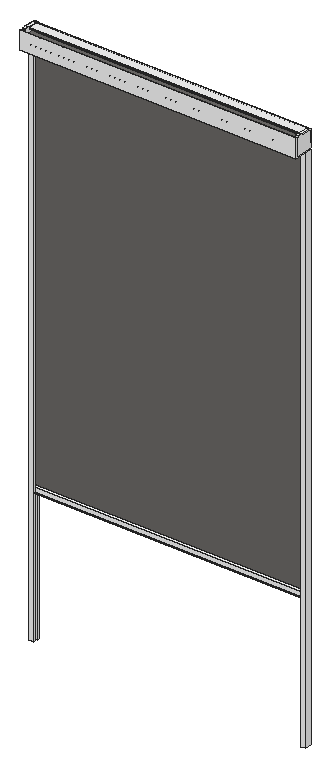
Revit family "Shades-Hunter_Douglas-RB500-Single_Standard_Duty-Auto-Bracket_Block_Out-3in", category Specialty Equipment, Revit 2023
Family settings
  Round Connector Dimension = Use Diameter
  Part Type = Normal
  OmniClass Number = 23.30.60.14
  OmniClass Title = Interior Window Treatment
  Work Plane-Based = No
  Enable Cutting in Views = No
  Always vertical = Yes
  Cut with Voids When Loaded = No
  Maintain Annotation Orientation = No
  Shared = No
  Room Calculation Point = No
Parameters (values of type "Automated")
  URL = "https://www.hunterdouglasarchitectural.com/"
  Type Comments = "Block Out Shade"  # constant formula
  Model = "Standard Duty Automated 3IN Bracket Block Out"  # constant formula
  Manufacturer = "Hunter Douglas Architectural"  # constant formula
  Description = "Standard Duty Automated Roller Shade"  # constant formula
  Default Elevation = 0' - 0"
  CD_Width [instance] = 4' - 0"
  CD_Warranty = "https://assets.hunterdouglasarchitectural.com/documents/RB500/Lifetime_Guarantee_HDA.pdf?_rand=1465740819000"
  CD_Product Page URL = "https://www.hunterdouglasarchitectural.com/windowcoverings/rollershades/RB500/index.jsp"
  CD_Product Name = "RB 500 Roller Shade System"  # constant formula
  CD_Product Documentation Link = "https://www.hunterdouglasarchitectural.com/windowcoverings/rollershades/RB500/index.jsp#cadDrawing"
  CD_Opening Percentage [instance] = 25
  CD_Microsite = "https://microsite.caddetails.com/1669"
  CD_Install Documentation = "https://www.hunterdouglasarchitectural.com/windowcoverings/rollershades/RB500/index.jsp#installationPage"
  CD_Height Opening [instance] = ((CD_Height - CD_Bracket Height - 0' 1 101/256") * CD_Opening Percentage) / 100  # 1' - 10.82324"
  CD_Height [instance] = 8' - 0"
  CD_Finish Rail = Metal-Aluminum-Hunter_Douglas-Anodized-White
  CD_Finish Frame = Metal-Aluminum-Hunter_Douglas-Anodized-White
  CD_Finish = Fabric-Shade-Hunter_Douglas-5%-E_Screen-Charcoal_Cocoa
  CD_Fabric Sizing Disclaimer = "Designer to verify maximum fabric size with Manufacturer as the maximum fabric size is dependent on finished dimensions"  # constant formula
  CD_Bracket Height = 0' - 3 5/16"  # constant formula
  CD_Bracket Depth = 0' - 3 9/64"  # constant formula
  Assembly Code = "E2010300"
Reference planes (in)
  plane 1 "Center (Front/Back)": y = -0.06427
  plane 2 "Bottom": z = 0
  plane 3 "Center (Left/Right)": x = 0
  plane 4 "Top": z = 96
  plane 5 "Left": x = -24
  plane 6 "Right": x = 24
  plane 7 "Back": y = 1.57031
  plane 8 "Front": y = -1.57031
  plane 9 "Opening": z = 22.82324
  plane 10 "Head Height": z = 92.6875
  plane 11 "Shade Left": x = -23.44922
  plane 12 "Shade Right": x = 23.44922
  plane 13 "Blind Location": y = 0.98718
  plane 14 "Center (Elevation)": z = 94.24448
Forms (in)
  Extrusion 1, solid, material "Metal-Aluminum-Hunter_Douglas-Anodized-White" <- "CD_Finish Frame", detail levels coarse
    sketch origin (0, 0, 0) x (0, 1, 0) y (0, 0, 1)
      loop
        line (1.57031, 92.6875) -> (1.57031, 96) -> (-1.57031, 96) -> (-1.57031, 92.6875) -> (1.57031, 92.6875)
    from -24 to 24
  Extrusion 2, solid, material "Metal-Aluminum-Hunter_Douglas-Anodized-White" <- "CD_Finish Rail", detail levels fine
    sketch origin (0, 0, -20.35107) x (0, 1, 0) y (0, 0, 1)
      loop
        line (1.29937, 43.48662) -> (1.29937, 44.25399)
        arc (1.29937, 44.25399) -> (1.0071, 44.56704) -> (0.67475, 44.29692) r 0.31379
        line (0.67475, 44.29692) -> (0.67475, 43.48662)
        arc (0.67475, 43.48662) -> (0.98706, 43.17431) -> (1.29937, 43.48662) r 0.31231
    from -23.44922 to 23.44922
  Extrusion 3, solid, material "Fabric-Shade-Hunter_Douglas-5%-E_Screen-Charcoal_Cocoa" <- "CD_Finish"
    sketch origin (0, 0, 0) x (0, 1, 0) y (0, 0, 1)
      loop
        line (1.00467, 22.82324) -> (1.00467, 93.46875) -> (0.96969, 93.46875) -> (0.96969, 22.82324) -> (1.00467, 22.82324)
    from -23.44922 to 23.44922
  Extrusion 4, solid, material "Metal-Aluminum-Hunter_Douglas-Anodized-White" <- "CD_Finish Rail", detail levels fine
    sketch origin (0, 0, 0) x (1, 0, 0) y (0, 1, 0)
      loop
        line (-23.17198, 1.29937) -> (-23.17198, 1.52017) -> (-24, 1.52017) -> (-24, 0.45419) -> (-23.17198, 0.45419) -> (-23.17198, 0.67475) -> (-23.44922, 0.67475) -> (-23.44922, 1.29937) -> (-23.17198, 1.29937)
      loop
        line (23.17198, 1.29937) -> (23.44922, 1.29937) -> (23.44922, 0.67475) -> (23.17198, 0.67475) -> (23.17198, 0.45419) -> (24, 0.45419) -> (24, 1.52017) -> (23.17198, 1.52017) -> (23.17198, 1.29937)
    from 0 to 92.6875
  Extrusion 5, solid, material "Metal-Aluminum-Hunter_Douglas-Anodized-White" <- "CD_Finish Rail", detail levels coarse
    sketch origin (0, 0, 0) x (1, 0, 0) y (0, 1, 0)
      loop
        line (-24, 1.52017) -> (-24, 0.45767) -> (-23.44922, 0.45767) -> (-23.44922, 1.52017) -> (-24, 1.52017)
      loop
        line (24, 1.52017) -> (23.44922, 1.52017) -> (23.44922, 0.45767) -> (24, 0.45767) -> (24, 1.52017)
    from 0 to 92.6875
  Extrusion 6, solid, material "Fabric-Shade-Hunter_Douglas-5%-E_Screen-Charcoal_Cocoa" <- "CD_Finish"
    sketch origin (0, 0, 0) x (0, 1, 0) y (0, 0, 1)
      loop
        arc (0.88708, 94.09361) -> (-1.00414, 94.45534) -> (0.86036, 93.97449) r 0.96324
        line (0.86036, 93.97449) -> (0.96969, 92.41411) -> (1.00459, 92.41655) -> (0.88708, 94.09361)
    from -23.44922 to 23.44922
  Extrusion 7, solid, material "Metal-Aluminum-Hunter_Douglas-Anodized-White" <- "CD_Finish Frame", detail levels medium+fine
    sketch origin (0, 0, 0.00115) x (0, 1, 0) y (0, 0, 1)
      loop
        arc (0.70388, 92.68635) -> (0.77067, 92.70622) -> (0.81573, 92.75937) r 0.12217
        line (0.81573, 92.75937) -> (-1.4994, 92.75937) -> (-1.4994, 95.87162) -> (-1.57031, 95.87162) -> (-1.57031, 92.68635) -> (0.70388, 92.68635)
    from -24 to 24
  Extrusion 8, solid, material "Metal-Aluminum-Hunter_Douglas-Anodized-White" <- "CD_Finish Frame", detail levels medium+fine
    sketch origin (0, 0, 0.00115) x (0, 1, 0) y (0, 0, 1)
      loop
        line (1.49031, 95.77162) -> (1.49031, 93.95162) -> (1.57031, 93.95162) -> (1.57031, 95.80162)
        arc (1.57031, 95.80162) -> (1.52638, 95.90768) -> (1.42031, 95.95162) r 0.15
        line (1.42031, 95.95162) -> (-0.42969, 95.95162) -> (-0.42969, 95.87162) -> (1.39031, 95.87162)
        arc (1.39031, 95.87162) -> (1.46102, 95.84233) -> (1.49031, 95.77162) r 0.1
    from -24 to 24
  Extrusion 9, solid, material "Metal-Aluminum-Hunter_Douglas-Anodized-White" <- "CD_Finish Frame", detail levels medium+fine
    sketch origin (0, 0, 0.00115) x (0, 1, 0) y (0, 0, 1)
      loop
        line (1.57031, 92.95162) -> (1.57031, 95.95162) -> (-0.92969, 95.95162) -> (-0.92969, 95.64988) -> (-1.42969, 95.56173) -> (-1.42969, 92.95162) -> (1.57031, 92.95162)
    from 23.44922 to 24
  Extrusion 10, solid, material "Metal-Aluminum-Hunter_Douglas-Anodized-White" <- "CD_Finish Frame", detail levels medium+fine
    sketch origin (-34.25, 0, 0.00115) x (0, 1, 0) y (0, 0, 1)
      loop
        line (1.57031, 92.95162) -> (1.57031, 95.95162) -> (-0.92969, 95.95162) -> (-0.92969, 95.64988) -> (-1.42969, 95.56173) -> (-1.42969, 92.95162) -> (1.57031, 92.95162)
    from 10.25 to 10.80078
Cuts and joins
  joined: Extrusion 3, Extrusion 6
Lines and regions (in)
  Masking region 1, detail levels fine
    outline origin (0, 0, 0) x (0, 1, 0) y (0, 0, 1)
      loop
        arc (1.29937, 23.90293) -> (1.0071, 24.21597) -> (0.67475, 23.94586) r 0.31379
        line (0.67475, 23.94586) -> (0.67475, 23.13555)
        arc (0.67475, 23.13555) -> (0.98706, 22.82324) -> (1.29937, 23.13555) r 0.31231
        line (1.29937, 23.13555) -> (1.29937, 23.90293)
Dimensions and locks (in)
  "CD_Height": plane 4 "Top" to plane 2 "Bottom"
  equal spacing: plane 5 "Left", plane 3 "Center (Left/Right)", plane 6 "Right"
  "CD_Width": plane 5 "Left" to plane 6 "Right"
  plane 1 "Center (Front/Back)" to plane 7 "Back" = 0' - 1.63458"
  "CD_Bracket Depth": plane 8 "Front" to plane 7 "Back"
  Extrusion 2 sketch curve to Extrusion 2 sketch curve to Extrusion 2 sketch curve to Extrusion 2 sketch curve to Extrusion 2 sketch curve to plane 9 "Opening" to Extrusion 2 sketch curve = 0' - 0.27086" locked, 0' - 0.04293" locked, 0' - 0.76737" locked, 0' - 0" locked, 0' - 0.31231" locked, 0' - 0" locked
  Extrusion 2 sketch curve to plane 13 "Blind Location" to Extrusion 2 sketch curve = 0' - 0.31219" locked, 0' - 0.31243" locked
  locked: Extrusion 3 sketch curve to plane 10 "Head Height" at 0.78125
  Extrusion 3 sketch curve to plane 13 "Blind Location" to Extrusion 3 sketch curve = 0' - 0.01749" locked, 0' - 0.01749" locked
  locked: plane 5 "Left" to plane 11 "Shade Left" at 0.55078
  locked: plane 12 "Shade Right" to plane 6 "Right" at 0.55078
  "CD_Height Opening": plane 9 "Opening" to level
  "CD_Bracket Height": plane 4 "Top" to plane 10 "Head Height"
  Masking region 1 sketch curve to Masking region 1 sketch curve to Masking region 1 sketch curve to Masking region 1 sketch curve to Masking region 1 sketch curve to plane 9 "Opening" to Masking region 1 sketch curve = 0' - 0.27086" locked, 0' - 0.04293" locked, 0' - 0.76737" locked, 0' - 0" locked, 0' - 0.31231" locked, 0' - 0" locked
  Masking region 1 sketch curve to plane 13 "Blind Location" to Masking region 1 sketch curve = 0' - 0.31219" locked, 0' - 0.31243" locked
  Extrusion 4 sketch curve to plane 11 "Shade Left" to Extrusion 4 sketch curve to Extrusion 4 sketch curve = 0' - 0 141/256" locked, 0' - 0.27724" locked, 0' - 0" locked
  Extrusion 4 sketch curve to Extrusion 4 sketch curve to plane 13 "Blind Location" to Extrusion 4 sketch curve to Extrusion 4 sketch curve = 0' - 0.22057" locked, 0' - 0.31243" locked, 0' - 0.31219" locked, 0' - 0.2208" locked  (x2)
  Extrusion 5 sketch curve to plane 13 "Blind Location" to Extrusion 5 sketch curve = 0' - 0.52951" locked, 0' - 0.53299" locked  (x2)
  Extrusion 9 sketch curve to plane 7 "Back" to Extrusion 9 sketch curve to Extrusion 9 sketch curve = 0' - 0" locked, 0' - 2 1/2" locked, 0' - 0 1/2" locked
  plane 4 "Top" to Extrusion 9 sketch curve to Extrusion 9 sketch curve to Extrusion 9 sketch curve to Extrusion 9 sketch curve = 0' - 0.04724" locked, 0' - 0.30173" locked, 0' - 0.08816" locked, 0' - 2.61011" locked
  plane 4 "Top" to Extrusion 7 sketch curve to Extrusion 7 sketch curve to Extrusion 7 sketch curve = 0' - 0.12724" locked, 0' - 3.11225" locked, 0' - 0.07302" locked
  plane 7 "Back" to Extrusion 7 sketch curve to Extrusion 7 sketch curve to Extrusion 7 sketch curve = 0' - 0.74426" locked, 0' - 2.32546" locked, 0' - 0.07091" locked
  Extrusion 10 sketch curve to plane 7 "Back" to Extrusion 10 sketch curve to Extrusion 10 sketch curve = 0' - 0" locked, 0' - 2 1/2" locked, 0' - 0 1/2" locked
  plane 4 "Top" to Extrusion 10 sketch curve to Extrusion 10 sketch curve to Extrusion 10 sketch curve to Extrusion 10 sketch curve = 0' - 0.04724" locked, 0' - 0.30173" locked, 0' - 0.08816" locked, 0' - 2.61011" locked
  plane 7 "Back" to Extrusion 6 sketch curve to Extrusion 6 sketch curve to Extrusion 6 sketch curve = 0' - 0.56573" locked, 0' - 0.0349" locked, 0' - 1.99719" locked
  plane 4 "Top" to Extrusion 6 sketch curve to Extrusion 6 sketch curve to Extrusion 6 sketch curve to Extrusion 6 sketch curve to Extrusion 6 sketch curve = 0' - 0.79228" locked, 0' - 1.11411" locked, 0' - 0.11912" locked, 0' - 1.55794" locked, 0' - 0.00245" locked
  Extrusion 8 sketch curve to plane 7 "Back" to Extrusion 8 sketch curve to Extrusion 8 sketch curve = 0' - 0" locked, 0' - 0.08" locked, 0' - 1.92" locked
  plane 4 "Top" to Extrusion 8 sketch curve to Extrusion 8 sketch curve to Extrusion 8 sketch curve = 0' - 0.04724" locked, 0' - 0.08" locked, 0' - 1.92" locked
  locked: plane 14 "Center (Elevation)" to plane 10 "Head Height" at 1.55698
  locked: plane 8 "Front" to plane 1 "Center (Front/Back)" at 1.50604
  Extrusion 4 sketch curve to Extrusion 4 sketch curve to Extrusion 4 sketch curve to plane 12 "Shade Right" to Extrusion 5 = 0' - 0" locked, 0' - 0.27724" locked, 0' - 0" locked, 0' - 0 141/256" locked
  aligned and locked: plane 2 "Bottom" to level
  aligned and locked: plane 4 "Top" to Extrusion 1 sketch curve
  aligned and locked: plane 8 "Front" to Extrusion 1 sketch curve
  aligned and locked: Extrusion 1 sketch curve to plane 7 "Back"
  aligned and locked: Extrusion 1 sketch curve to plane 10 "Head Height"
  aligned and locked: Extrusion 1 to plane 5 "Left"
  aligned and locked: plane 6 "Right" to Extrusion 1
  aligned and locked: Extrusion 3 to plane 11 "Shade Left"
  aligned and locked: plane 12 "Shade Right" to Extrusion 3
  aligned and locked: Extrusion 3 to plane 9 "Opening"
  aligned and locked: Extrusion 4 sketch curve to plane 6 "Right"
  aligned and locked: plane 10 "Head Height" to Extrusion 4
  aligned and locked: Extrusion 4 to level
  aligned and locked: Extrusion 5 sketch curve to plane 5 "Left"
  aligned and locked: plane 11 "Shade Left" to Extrusion 5 sketch curve
  aligned and locked: Extrusion 5 sketch curve to plane 6 "Right"
  aligned and locked: plane 12 "Shade Right" to Extrusion 5 sketch curve
  aligned and locked: Extrusion 5 to level
  aligned and locked: plane 10 "Head Height" to Extrusion 5
  aligned and locked: Extrusion 6 to plane 11 "Shade Left"
  aligned and locked: plane 12 "Shade Right" to Extrusion 6
  aligned and locked: Extrusion 2 to plane 11 "Shade Left"
  aligned and locked: plane 12 "Shade Right" to Extrusion 2
  aligned and locked: Extrusion 10 to plane 5 "Left"
  aligned and locked: plane 11 "Shade Left" to Extrusion 10
  aligned and locked: Extrusion 7 to plane 5 "Left"
  aligned and locked: plane 6 "Right" to Extrusion 7
  aligned and locked: plane 6 "Right" to Extrusion 9
  aligned and locked: Extrusion 9 to plane 12 "Shade Right"
  aligned and locked: plane 6 "Right" to Extrusion 8
  aligned and locked: Extrusion 8 to plane 5 "Left"
Automatic sketch dimensions
  plane 9 "Opening" to Extrusion 3 sketch curve = 0' - 0"
  plane 11 "Shade Left" to Extrusion 4 sketch curve = 0' - 0"
  Extrusion 7 sketch curve to plane 1 "Center (Front/Back)" = 0' - 0.76815"
  plane 7 "Back" to Extrusion 8 sketch curve = 0' - 0.15"
  Extrusion 8 sketch curve to Extrusion 8 sketch curve = 0' - 0.03"
